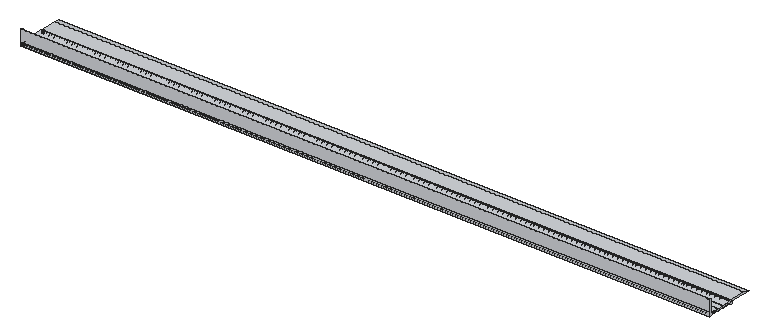
Revit family "Novojunta Pro Metal SP100", category Modelos genéricos, Revit 2024
Family settings
  Puede alojar armadura = No
  Cota de conector redondo = Usar diámetro
  Tipo de pieza = Normal
  Corte con vacíos al cargar = No
  Mantener orientación de anotación = No
  Compartido = No
  Punto de cálculo de habitación = No
Parameters
  URL EMAC [instance] = "https://emac.es/novojunta-pro-metal-sp100-junta-estructural"
  Texto Prescriptivo [instance] = "Instalación de junta de dilatación estructural superpuesta Emac® Novojunta® Pro Metal SP100 para cargas medias, ancho de junta 100 mm, ancho visible 240 mm, alto perfil 3,60 mm. Con estructura realizada en perfiles deslizantes de aluminio, con pletina central, con capacidad de absorber grandes movimientos. Admisión de movimiento horizontal de 30 mm y vertical hasta 16 mm. Instalación con tornillería (incluida). Medida la longitud realmente ejecutada."
  Texto Descriptivo [instance] = "Novojunta® Pro Metal SP 100 es un sistema de perfiles íntegramente de aluminio destinado a  colocación en juntas de dilatación de estructura superpuestas de hasta 100 mm de ancho. Su diseño facilita la absorción de los movimientos derivados de las variaciones térmicas, permitiendo movimiento en tres ejes.  Con soporte de cargas medias, se sirve premontada y está disponible en color natural."
  Referencia [instance] = "NJPMSP100"
  Posición Junta [instance] = Enrasada/Perimetral : Perimetral
  Perimetral [instance] = Enrasada/Perimetral : Perimetral
  País Origen [instance] = "España"
  Novojuna  Pro Metal SP100 Perimetral [instance] = if(and(Posición Junta = Perimetral), 1 = 1, 1 = 0)  # yes
  Novojuna  Pro Metal SP100 Enrasada [instance] = if(and(Posición Junta = Enrasada), 1 = 1, 1 = 0)  # no
  Material [instance] = Material
  built-in parameter 1001306 [instance] = 2500 mm
  Instrucciones de instalación [instance] = "https://emac.es/public/Attachment/2021/7/ficha-tecnica-novojunta-pro-metal-sp100-emac.pdf"
  Enrasada [instance] = Enrasada/Perimetral : Enrasada
  Default Elevation = 0 mm
  Descripción = "NOVOJUNTA PRO METAL 100 SP"
  Certificados de producto [instance] = "https://emac.es/public/Attachment/2021/7/ficha-tecnica-novojunta-pro-metal-sp100-emac.pdf"
  Características técnicas [instance] = "https://emac.es/public/Attachment/2021/7/ficha-tecnica-novojunta-pro-metal-sp100-emac.pdf"
  Anchura [instance] = 100 mm
  Altura [instance] = 3.6 mm
Reference planes
  plane 1 "Center (Front/Back)": y = 0
  plane 2: z = 0
  plane 3 "Left": x = 0
  plane 4 "Right": x = 2500
Forms (mm)
  Extrusion 1, solid, visible <- "Novojuna  Pro Metal SP100 Enrasada"
    sketch origin (0, -866.46, -324.744) x (0, 1, 0) y (0, 0, 1)
      loop
        line (916.685, 325.678) -> (990.439, 325.678) -> (971.919, 329.278) -> (911.895, 329.278)
        arc (911.895, 329.278) -> (911.549, 329.017) -> (911.704, 328.613) r 0.36
        arc (911.704, 328.613) -> (913.407, 326.97) -> (914.297, 324.778) r 5.7
        line (914.297, 324.778) -> (911.513, 324.778)
        arc (911.513, 324.778) -> (905.685, 323.778) -> (911.513, 322.778) r 3
        line (911.513, 322.778) -> (914.297, 322.778)
        arc (914.297, 322.778) -> (912.15, 319.252) -> (908.185, 318.1) r 5.7
        line (908.185, 318.1) -> (908.185, 316.828) -> (913.677, 316.828) -> (916.685, 320.678) -> (916.685, 325.678)
      loop
        arc (908.693, 318.378) -> (911.724, 319.314) -> (913.706, 321.791) r 5.4
        line (913.706, 321.791) -> (911.584, 322.201)
        arc (911.584, 322.201) -> (905.393, 323.543) -> (911.33, 325.751) r 3.3
        line (911.33, 325.751) -> (913.373, 326.458)
        arc (913.373, 326.458) -> (911.171, 328.572) -> (908.176, 329.154) r 5.4
        line (908.176, 329.154) -> (877.835, 326.739)
        arc (877.835, 326.739) -> (877.182, 326.011) -> (877.886, 325.333) r 0.704
        line (877.886, 325.333) -> (902.883, 325.37) -> (902.888, 321.57) -> (880.088, 321.536) -> (876.888, 321.532) -> (876.893, 318.332) -> (879.243, 318.335) -> (908.693, 318.378)
      loop
        line (841.46, 321.744) -> (891.46, 321.744) -> (891.46, 324.744) -> (841.46, 324.744) -> (841.46, 321.744)
      loop
        line (824.227, 318.378) -> (853.677, 318.335) -> (856.027, 318.332) -> (856.031, 321.532) -> (852.831, 321.536) -> (830.031, 321.57) -> (830.037, 325.37) -> (855.033, 325.333)
        arc (855.033, 325.333) -> (855.737, 326.011) -> (855.084, 326.739) r 0.704
        line (855.084, 326.739) -> (824.744, 329.154)
        arc (824.744, 329.154) -> (821.748, 328.572) -> (819.546, 326.458) r 5.4
        line (819.546, 326.458) -> (821.589, 325.751)
        arc (821.589, 325.751) -> (827.526, 323.543) -> (821.336, 322.201) r 3.3
        line (821.336, 322.201) -> (819.213, 321.791)
        arc (819.213, 321.791) -> (821.196, 319.314) -> (824.227, 318.378) r 5.4
      loop
        line (742.48, 325.678) -> (816.234, 325.678) -> (816.234, 320.678) -> (819.242, 316.828) -> (824.734, 316.828) -> (824.734, 318.1)
        arc (824.734, 318.1) -> (820.77, 319.252) -> (818.623, 322.778) r 5.7
        line (818.623, 322.778) -> (821.406, 322.778)
        arc (821.406, 322.778) -> (827.234, 323.778) -> (821.406, 324.778) r 3
        line (821.406, 324.778) -> (818.623, 324.778)
        arc (818.623, 324.778) -> (819.512, 326.97) -> (821.215, 328.613) r 5.7
        arc (821.215, 328.613) -> (821.371, 329.017) -> (821.024, 329.278) r 0.36
        line (821.024, 329.278) -> (761.001, 329.278) -> (742.48, 325.678)
    from 0 to 2500
  Extrusion 2, solid, visible <- "Novojuna  Pro Metal SP100 Perimetral"
    sketch origin (0, -588.253, -326.377) x (0, 1, 0) y (0, 0, 1)
      loop
        line (638.479, 327.311) -> (712.233, 327.311) -> (693.712, 330.911) -> (633.689, 330.911)
        arc (633.689, 330.911) -> (633.343, 330.651) -> (633.498, 330.246) r 0.36
        arc (633.498, 330.246) -> (635.201, 328.604) -> (636.09, 326.411) r 5.7
        line (636.09, 326.411) -> (633.307, 326.411)
        arc (633.307, 326.411) -> (627.479, 325.411) -> (633.307, 324.411) r 3
        line (633.307, 324.411) -> (636.09, 324.411)
        arc (636.09, 324.411) -> (633.943, 320.885) -> (629.979, 319.733) r 5.7
        line (629.979, 319.733) -> (629.979, 318.461) -> (635.471, 318.461) -> (638.479, 322.311) -> (638.479, 327.311)
      loop
        arc (630.487, 320.011) -> (633.518, 320.948) -> (635.5, 323.424) r 5.4
        line (635.5, 323.424) -> (633.377, 323.834)
        arc (633.377, 323.834) -> (627.187, 325.176) -> (633.124, 327.385) r 3.3
        line (633.124, 327.385) -> (635.167, 328.091)
        arc (635.167, 328.091) -> (632.965, 330.205) -> (629.969, 330.787) r 5.4
        line (629.969, 330.787) -> (599.629, 328.372)
        arc (599.629, 328.372) -> (598.976, 327.644) -> (599.68, 326.966) r 0.704
        line (599.68, 326.966) -> (624.676, 327.003) -> (624.682, 323.203) -> (601.882, 323.17) -> (598.682, 323.165) -> (598.687, 319.965) -> (601.037, 319.968) -> (630.487, 320.011)
      loop
        line (563.253, 323.377) -> (613.253, 323.377) -> (613.253, 326.377) -> (563.253, 326.377) -> (563.253, 323.377)
      loop
        line (546.02, 320.011) -> (575.47, 319.968) -> (577.82, 319.965) -> (577.825, 323.165) -> (574.625, 323.17) -> (551.825, 323.203) -> (551.83, 327.003) -> (576.827, 326.966)
        arc (576.827, 326.966) -> (577.531, 327.644) -> (576.878, 328.372) r 0.704
        line (576.878, 328.372) -> (546.538, 330.787)
        arc (546.538, 330.787) -> (543.542, 330.205) -> (541.34, 328.091) r 5.4
        line (541.34, 328.091) -> (543.383, 327.385)
        arc (543.383, 327.385) -> (549.32, 325.176) -> (543.13, 323.834) r 3.3
        line (543.13, 323.834) -> (541.007, 323.424)
        arc (541.007, 323.424) -> (542.989, 320.948) -> (546.02, 320.011) r 5.4
      loop
        line (540.128, 334.861) -> (540.128, 373.271)
        arc (540.128, 373.271) -> (539.363, 375.781) -> (537.328, 377.437) r 4.5
        line (537.328, 377.437) -> (537.328, 334.911) -> (537.328, 319.411) -> (542.707, 319.411)
        arc (542.707, 319.411) -> (543.305, 319.863) -> (543.033, 320.562) r 0.621
        arc (543.033, 320.562) -> (541.314, 322.207) -> (540.417, 324.411) r 5.7
        line (540.417, 324.411) -> (543.2, 324.411)
        arc (543.2, 324.411) -> (549.028, 325.411) -> (543.2, 326.411) r 3
        line (543.2, 326.411) -> (540.417, 326.411)
        arc (540.417, 326.411) -> (541.663, 329.077) -> (544.074, 330.766) r 5.7
        arc (544.074, 330.766) -> (544.42, 331.366) -> (543.889, 331.811) r 0.539
        line (543.889, 331.811) -> (542.964, 331.819)
        arc (542.964, 331.819) -> (540.947, 332.782) -> (540.128, 334.861) r 3.05
    from 0 to 2500
Lines and regions (mm)
  reference lines
    curve 1: line (0, 0, 0) -> (2500, 0, 0)
Dimensions and locks
  "built-in parameter 1001306": plane 3 "Left" to plane 4 "Right"
  aligned and locked: plane 4 "Right" to curve 1
  aligned and locked: plane 1 "Center (Front/Back)" to curve 1
  aligned and locked: plane 3 "Left" to curve 1
  aligned and locked: level to plane 2
  aligned and locked: Extrusion 2 to curve 1
  aligned and locked: Extrusion 2 to plane 3 "Left"
  aligned and locked: Extrusion 1 to curve 1
  aligned and locked: Extrusion 1 to plane 3 "Left"
Automatic sketch dimensions
  Extrusion 1 sketch curve to Extrusion 1 sketch curve = 0 mm  (x22)
  Extrusion 1 sketch curve to level = 7.916 mm
  Extrusion 1 sketch curve to plane 1 "Center (Front/Back)" = 41.725 mm
  Extrusion 1 sketch curve to Extrusion 1 sketch curve = 0.5 mm
  Extrusion 1 sketch curve to Extrusion 1 sketch curve = 2.828 mm
  Extrusion 1 sketch curve to Extrusion 1 sketch curve = 0.382 mm
  Extrusion 1 sketch curve to Extrusion 1 sketch curve = 5.492 mm
  Extrusion 1 sketch curve to Extrusion 1 sketch curve = 2.783 mm
  Extrusion 1 sketch curve to Extrusion 1 sketch curve = 2.388 mm  (x2)
  level to Extrusion 1 sketch curve = 4.534 mm  (x2)
  Extrusion 1 sketch curve to Extrusion 1 sketch curve = 55.234 mm  (x2)
  Extrusion 1 sketch curve to Extrusion 1 sketch curve = 18.52 mm  (x2)
  Extrusion 1 sketch curve to Extrusion 1 sketch curve = 1.272 mm
  Extrusion 1 sketch curve to Extrusion 1 sketch curve = 3.85 mm
  Extrusion 1 sketch curve to Extrusion 1 sketch curve = 2.1 mm
  Extrusion 1 sketch curve to Extrusion 1 sketch curve = 3.6 mm
  Extrusion 1 sketch curve to Extrusion 1 sketch curve = 0.36 mm  (x2)
  level to Extrusion 1 sketch curve = 4.41 mm  (x2)
  Extrusion 1 sketch curve to Extrusion 1 sketch curve = 3.529 mm
  Extrusion 1 sketch curve to level = 6.409 mm  (x2)
  level to Extrusion 1 sketch curve = 0.589 mm  (x2)
  Extrusion 1 sketch curve to Extrusion 1 sketch curve = 0.001 mm  (x2)
  level to Extrusion 1 sketch curve = 1.995 mm  (x2)
  Extrusion 1 sketch curve to Extrusion 1 sketch curve = 0.05 mm  (x2)
  Extrusion 1 sketch curve to level = 6.412 mm  (x2)
  Extrusion 1 sketch curve to Extrusion 1 sketch curve = 2.35 mm  (x2)
  level to Extrusion 1 sketch curve = 1.007 mm
  Extrusion 1 sketch curve to Extrusion 1 sketch curve = 0.183 mm  (x2)
  Extrusion 1 sketch curve to level = 2.543 mm  (x2)
  level to Extrusion 1 sketch curve = 1.714 mm  (x2)
  Extrusion 1 sketch curve to Extrusion 1 sketch curve = 0.59 mm  (x2)
  Extrusion 1 sketch curve to level = 6.366 mm  (x2)
  Extrusion 1 sketch curve to Extrusion 1 sketch curve = 0.508 mm  (x2)
  Extrusion 1 sketch curve to Extrusion 1 sketch curve = 35.429 mm
  Extrusion 1 sketch curve to Extrusion 1 sketch curve = 3 mm
  Extrusion 1 sketch curve to Extrusion 1 sketch curve = 11.423 mm  (x2)
  Extrusion 1 sketch curve to Extrusion 1 sketch curve = 0.006 mm  (x2)
  Extrusion 1 sketch curve to Extrusion 1 sketch curve = 5.293 mm
  Extrusion 1 sketch curve to Extrusion 1 sketch curve = 0.509 mm
  Extrusion 1 sketch curve to Extrusion 1 sketch curve = 2.645 mm
  Extrusion 1 sketch curve to Extrusion 1 sketch curve = 2.899 mm
  Extrusion 1 sketch curve to level = 2.953 mm
  Extrusion 1 sketch curve to Extrusion 1 sketch curve = 2.123 mm
  Extrusion 1 sketch curve to Extrusion 1 sketch curve = 2.891 mm
  Extrusion 1 sketch curve to Extrusion 1 sketch curve = 0.924 mm
  level to Extrusion 1 sketch curve = 0.934 mm
  Extrusion 1 sketch curve to Extrusion 1 sketch curve = 3.008 mm
  Extrusion 1 sketch curve to Extrusion 1 sketch curve = 1.478 mm
  Extrusion 1 sketch curve to Extrusion 1 sketch curve = 0.07 mm
  Extrusion 1 sketch curve to Extrusion 1 sketch curve = 1.55 mm
  Extrusion 1 sketch curve to Extrusion 1 sketch curve = 0.278 mm
  Extrusion 1 sketch curve to Extrusion 1 sketch curve = 1.113 mm
  Extrusion 1 sketch curve to level = 3.174 mm  (x2)
  Extrusion 1 sketch curve to level = 3.212 mm  (x2)
  Extrusion 1 sketch curve to Extrusion 1 sketch curve = 5.797 mm
  Extrusion 1 sketch curve to Extrusion 1 sketch curve = 11.371 mm
  Extrusion 1 sketch curve to Extrusion 1 sketch curve = 0.208 mm
  Extrusion 1 sketch curve to Extrusion 1 sketch curve = 3.195 mm
  Extrusion 1 sketch curve to Extrusion 1 sketch curve = 2.202 mm
  Extrusion 1 sketch curve to Extrusion 1 sketch curve = 0.845 mm
  Extrusion 2 sketch curve to Extrusion 2 sketch curve = 0 mm  (x22)
  Extrusion 2 sketch curve to plane 1 "Center (Front/Back)" = 41.725 mm
  Extrusion 2 sketch curve to Extrusion 2 sketch curve = 0.5 mm
  Extrusion 2 sketch curve to Extrusion 2 sketch curve = 0.382 mm
  Extrusion 2 sketch curve to Extrusion 2 sketch curve = 5.492 mm
  Extrusion 2 sketch curve to Extrusion 2 sketch curve = 2.783 mm
  Extrusion 2 sketch curve to Extrusion 2 sketch curve = 2.388 mm
  level to Extrusion 2 sketch curve = 4.534 mm
  Extrusion 2 sketch curve to Extrusion 2 sketch curve = 55.234 mm
  Extrusion 2 sketch curve to Extrusion 2 sketch curve = 18.52 mm
  Extrusion 2 sketch curve to Extrusion 2 sketch curve = 0.36 mm
  Extrusion 2 sketch curve to Extrusion 2 sketch curve = 3.24 mm
  Extrusion 2 sketch curve to Extrusion 2 sketch curve = 0.9 mm
  Extrusion 2 sketch curve to Extrusion 2 sketch curve = 1 mm
  Extrusion 2 sketch curve to Extrusion 2 sketch curve = 2.1 mm
  Extrusion 2 sketch curve to Extrusion 2 sketch curve = 3.85 mm
  Extrusion 2 sketch curve to Extrusion 2 sketch curve = 3.529 mm
  Extrusion 2 sketch curve to Extrusion 2 sketch curve = 0.001 mm  (x2)
  Extrusion 2 sketch curve to Extrusion 2 sketch curve = 0.05 mm  (x3)
  Extrusion 2 sketch curve to level = 6.412 mm  (x2)
  Extrusion 2 sketch curve to Extrusion 2 sketch curve = 2.35 mm  (x2)
  Extrusion 2 sketch curve to Extrusion 2 sketch curve = 0.183 mm  (x2)
  Extrusion 2 sketch curve to level = 2.543 mm  (x2)
  Extrusion 2 sketch curve to Extrusion 2 sketch curve = 0.07 mm  (x2)
  Extrusion 2 sketch curve to Extrusion 2 sketch curve = 0.924 mm  (x2)
  Extrusion 2 sketch curve to Extrusion 2 sketch curve = 0.59 mm  (x2)
  Extrusion 2 sketch curve to Extrusion 2 sketch curve = 0.987 mm
  Extrusion 2 sketch curve to Extrusion 2 sketch curve = 0.704 mm  (x2)
  Extrusion 2 sketch curve to Extrusion 2 sketch curve = 1.68 mm
  Extrusion 2 sketch curve to Extrusion 2 sketch curve = 0.508 mm
  Extrusion 2 sketch curve to Extrusion 2 sketch curve = 0.278 mm
  Extrusion 2 sketch curve to Extrusion 2 sketch curve = 35.429 mm
  Extrusion 2 sketch curve to Extrusion 2 sketch curve = 3 mm
  Extrusion 2 sketch curve to Extrusion 2 sketch curve = 11.423 mm  (x2)
  Extrusion 2 sketch curve to Extrusion 2 sketch curve = 0.006 mm  (x2)
  Extrusion 2 sketch curve to Extrusion 2 sketch curve = 5.293 mm
  Extrusion 2 sketch curve to Extrusion 2 sketch curve = 0.509 mm
  level to Extrusion 2 sketch curve = 1.007 mm
  Extrusion 2 sketch curve to Extrusion 2 sketch curve = 2.645 mm
  Extrusion 2 sketch curve to Extrusion 2 sketch curve = 2.899 mm
  Extrusion 2 sketch curve to Extrusion 2 sketch curve = 2.043 mm
  Extrusion 2 sketch curve to Extrusion 2 sketch curve = 2.123 mm
  Extrusion 2 sketch curve to Extrusion 2 sketch curve = 0.409 mm
  Extrusion 2 sketch curve to Extrusion 2 sketch curve = 0.707 mm
  Extrusion 2 sketch curve to Extrusion 2 sketch curve = 2.891 mm
  Extrusion 2 sketch curve to Extrusion 2 sketch curve = 1.212 mm
  Extrusion 2 sketch curve to Extrusion 2 sketch curve = 3.679 mm
  Extrusion 2 sketch curve to Extrusion 2 sketch curve = 4.5 mm
  Extrusion 2 sketch curve to Extrusion 2 sketch curve = 3.314 mm
  level to Extrusion 2 sketch curve = 5.442 mm
  Extrusion 2 sketch curve to Extrusion 2 sketch curve = 3.573 mm
  Extrusion 2 sketch curve to Extrusion 2 sketch curve = 3.05 mm
  Extrusion 2 sketch curve to Extrusion 2 sketch curve = 0.925 mm
  Extrusion 2 sketch curve to Extrusion 2 sketch curve = 4.013 mm
  Extrusion 2 sketch curve to Extrusion 2 sketch curve = 0.621 mm
  Extrusion 2 sketch curve to Extrusion 2 sketch curve = 0.577 mm
  Extrusion 2 sketch curve to Extrusion 2 sketch curve = 0.547 mm
  Extrusion 2 sketch curve to Extrusion 2 sketch curve = 0.539 mm
  Extrusion 2 sketch curve to Extrusion 2 sketch curve = 38.409 mm
  Extrusion 2 sketch curve to Extrusion 2 sketch curve = 11.371 mm  (x2)
  Extrusion 2 sketch curve to Extrusion 2 sketch curve = 3.801 mm
  Extrusion 2 sketch curve to Extrusion 2 sketch curve = 0.845 mm  (x2)
  Extrusion 2 sketch curve to Extrusion 2 sketch curve = 2.202 mm
  Extrusion 2 sketch curve to Extrusion 2 sketch curve = 3.2 mm
  Extrusion 2 sketch curve to Extrusion 2 sketch curve = 0.005 mm  (x3)
  Extrusion 2 sketch curve to Extrusion 2 sketch curve = 5.797 mm
  Extrusion 2 sketch curve to Extrusion 2 sketch curve = 0.998 mm
  Extrusion 2 sketch curve to Extrusion 2 sketch curve = 3.8 mm
  Extrusion 2 sketch curve to Extrusion 2 sketch curve = 0.208 mm
